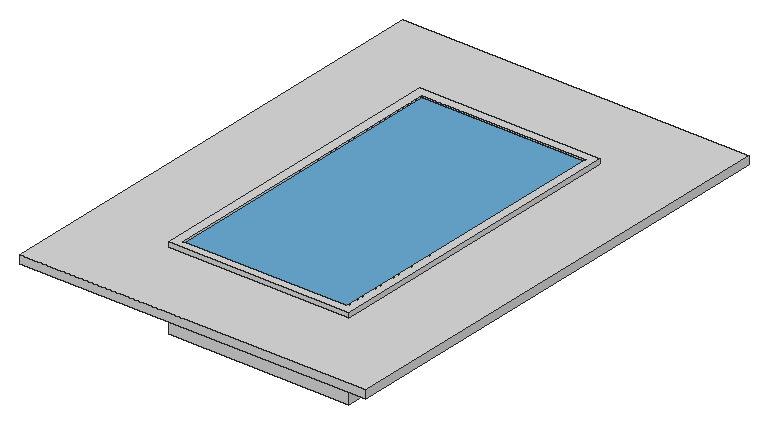
Revit family "Roxtec GH frames", category Duct Accessories, host Face, Revit 2017
Family settings
  Host = Face
  Round Connector Dimension = Use Diameter
  Part Type = Attaches To
  Cut with Voids When Loaded = No
  Shared = No
Parameters (values of type "GH type 6x1")
  Weight GALV BG = 4.9
  Weight GALV = 4.7
  Weight FL100 GALV BG = 7.4
  Weight FL100 GALV = 7.2
  Weight FL100 AISI316 BG = 7.6
  Weight FL100 AISI316 = 7.4
  Weight AISI316 BG = 5
  Weight AISI316 = 4.8
  Weight (kg) [instance] = if(and([Grounding lug (BG)], Frame material GALV, Flange type FL60), Weight GALV BG, if(and([Grounding lug (BG)], Frame material AISI316, Flange type FL60), Weight AISI316 BG, (if(and(not([Grounding lug (BG)]), Frame material GALV, Flange type FL60), Weight GALV, if(and(not([Grounding lug (BG)]), Frame material AISI316, Flange type FL60), Weight AISI316, if(and([Grounding lug (BG)], Frame material GALV, Flange type FL100), Weight FL100 GALV BG, if(and([Grounding lug (BG)], Frame material AISI316, Flange type FL100), Weight FL100 AISI316 BG, (if(and(not([Grounding lug (BG)]), Frame material GALV, Flange type FL100), Weight FL100 GALV, Weight FL100 AISI316)))))))))  # 4.7
  Title GALV BG = "GH BG 6x1 GALV"
  Title GALV = "GH 6x1 GALV"
  Title FL100 GALV BG = "GH BG 6x1 FL100 GALV"
  Title FL100 GALV = "GH 6x1 FL100 GALV"
  Title FL100 AISI316 BG = "GH BG 6x1 FL100 AISI316"
  Title FL100 AISI316 = "GH 6x1 FL100 AISI316"
  Title AISI316 BG = "GH BG 6x1 AISI316"
  Title AISI316 = "GH 6x1 AISI316"
  Roxtec RTD [instance] = ""
  Roxtec Product Title [instance] = if(and([Grounding lug (BG)], Frame material GALV, Flange type FL60), Title GALV BG, if(and([Grounding lug (BG)], Frame material AISI316, Flange type FL60), Title AISI316 BG, (if(and(not([Grounding lug (BG)]), Frame material GALV, Flange type FL60), Title GALV, if(and(not([Grounding lug (BG)]), Frame material AISI316, Flange type FL60), Title AISI316, if(and([Grounding lug (BG)], Frame material GALV, Flange type FL100), Title FL100 GALV BG, if(and([Grounding lug (BG)], Frame material AISI316, Flange type FL100), Title FL100 AISI316 BG, (if(and(not([Grounding lug (BG)]), Frame material GALV, Flange type FL100), Title FL100 GALV, Title FL100 AISI316)))))))))  # "GH 6x1 GALV"
  Roxtec Product ID [instance] = if(and([Grounding lug (BG)], Frame material GALV, Flange type FL60), ID GALV BG, if(and([Grounding lug (BG)], Frame material AISI316, Flange type FL60), ID AISI316 BG, (if(and(not([Grounding lug (BG)]), Frame material GALV, Flange type FL60), ID GALV, if(and(not([Grounding lug (BG)]), Frame material AISI316, Flange type FL60), ID AISI316, if(and([Grounding lug (BG)], Frame material GALV, Flange type FL100), ID FL100 GALV BG, if(and([Grounding lug (BG)], Frame material AISI316, Flange type FL100), ID FL100 AISI316 BG, (if(and(not([Grounding lug (BG)]), Frame material GALV, Flange type FL100), ID FL100 GALV, ID FL100 AISI316)))))))))  # "5GH0000007882"
  Width of cable shelf = 150 mm
  WarrantyGuarantorParts = ""
  WarrantyGuarantorLabor = ""
  WarrantyDurationUnit = ""
  WarrantyDurationParts = ""
  WarrantyDurationLabor = ""
  WarrantyDescription = ""
  Wall opening width [instance] = Frame width + 30 mm  # 150 mm
  Wall opening height [instance] = Frame height + 30 mm  # 248 mm
  Version = "2.0"  # constant formula
  Uniclass2015Version = ""
  Uniclass2015Title = ""
  Uniclass2015Code = ""
  URL = "https://www.roxtec.com/en/products/solutions/?q=GH"
  UNSPSC Code = ""
  Type Comments = ""
  SustainabilityPerformance = ""
  Size = ""
  Shape = ""
  Sealing material = Roxylon blue
  Revision = ""
  ReplacementCost = ""
  ProductInformation = ""
  ProdLib_ID = ""
  NominalLength [instance] = 0 mm
  NominalHeight = 0 mm
  NominalDepth = 0 mm
  Name = ""
  NBSReference = ""
  NBSDescription = ""
  ModelReference = ""
  ModelNumber = ""
  ManufacturerURL = ""
  Manufacturer = "Roxtec"  # constant formula
  IfcExportType = ""
  IfcExportAs = ""
  IfcClassification = ""
  IFC Classification = ""
  ID FL100 GALV BG = "122388"
  ID FL100 GALV = "122158"
  ID GALV = "5GH0000007882"
  ID FL100 AISI316 BG = "122264"
  ID FL100 AISI316 = "105508"
  ID AISI316 = "5GH0000008261"
  ID AISI316 BG = "122511"
  ID GALV BG = "109604"
  Grounding lug position y [instance] = if((Flange type FL60), (Flange width / 2 - 85.5 mm), (Flange width / 2 - 100.5 mm))  # 41 mm
  Grounding lug position x [instance] = Flange height - 20 mm  # 330 mm
  Grounding lug (BG) [instance] = no
  BG 2 [instance] = if(and([2x]), [Grounding lug (BG)], if(and([3x]), [Grounding lug (BG)], if(and([4x]), [Grounding lug (BG)], 1 = 0)))  # no
  Grade = ""
  Flange width [instance] = if((Flange type FL100), (Flange w + 80 mm), Flange w)  # 253 mm
  Flange w = 253 mm
  Flange h = 350 mm
  Flange thickness = 6 mm
  Frame material GALV [instance] = not(Frame material AISI316)  # yes
  Frame material AISI316 [instance] = no
  Frame material = Steel
  Flange height [instance] = if((Flange type FL100), (Flange h + 80 mm), Flange h)  # 350 mm
  Frame depth = 60 mm
  Finish = ""
  Features = ""
  Flange type FL60 [instance] = not(Flange type FL100)  # yes
  Flange type FL100 [instance] = no
  ExpectedLife = ""
  ETIM Classification = "EC002600"  # constant formula
  DurationUnit = ""
  Description = ""
  Default Elevation = 0 mm
  Constituents = ""
  Color = ""
  Frame width [instance] = if((Flange type FL100), (Flange width - 213 mm), (Flange width - 133 mm))  # 120 mm
  Frame height [instance] = if((Flange type FL100), (Flange height - 212 mm), (Flange height - 132 mm))  # 218 mm
  CodePerformance = ""
  Category = ""
  COBie Type Category = ""
  BIMObjectName = ""
  Author = "ProdLib Oy"  # constant formula
  AssetType = ""
  AccessibilityPerformance = ""
  4x = no
  3x = no
  2x = no
Types (9, lengths in mm): name | Weight GALV BG | Weight GALV | Weight FL100 GALV BG | Weight FL100 GALV | Weight FL100 AISI316 BG | Weight FL100 AISI316 | Weight AISI316 BG | Weight AISI316 | Weight (kg) | Title GALV BG | Title GALV | Title FL100 GALV BG | Title FL100 GALV | Title FL100 AISI316 BG | Title FL100 AISI316 | Title AISI316 BG | Title AISI316 | Roxtec Product Title | Roxtec Product ID | Width of cable shelf | Wall opening width | Wall opening height | ID FL100 GALV BG | ID FL100 GALV | ID GALV | ID FL100 AISI316 BG | ID FL100 AISI316 | ID AISI316 | ID AISI316 BG | ID GALV BG | Grounding lug position y | Grounding lug position x | Flange width | Flange w | Flange h | Flange height | Frame width | Frame height | 4x | 3x | 2x
  (no name) | 4.9 | 4.7 | 7.4 | 7.2 | 7.6 | 7.4 | 5 | 4.8 | 4.7 | "GH BG 6x1 GALV" | "GH 6x1 GALV" | "GH BG 6x1 FL100 GALV" | "GH 6x1 FL100 GALV" | "GH BG 6x1 FL100 AISI316" | "GH 6x1 FL100 AISI316" | "GH BG 6x1 AISI316" | "GH 6x1 AISI316" | "GH 6x1 GALV" | "5GH0000007882" | 150 | 150 | 248 | "122388" | "122158" | "5GH0000007882" | "122264" | "105508" | "5GH0000008261" | "122511" | "109604" | 41 | 330 | 253 | 253 | 350 | 350 | 120 | 218 | no | no | no
  GH type 6x1 | 4.9 | 4.7 | 7.4 | 7.2 | 7.6 | 7.4 | 5 | 4.8 | 4.7 | "GH BG 6x1 GALV" | "GH 6x1 GALV" | "GH BG 6x1 FL100 GALV" | "GH 6x1 FL100 GALV" | "GH BG 6x1 FL100 AISI316" | "GH 6x1 FL100 AISI316" | "GH BG 6x1 AISI316" | "GH 6x1 AISI316" | "GH 6x1 GALV" | "5GH0000007882" | 150 | 150 | 248 | "122388" | "122158" | "5GH0000007882" | "122264" | "105508" | "5GH0000008261" | "122511" | "109604" | 41 | 330 | 253 | 253 | 350 | 350 | 120 | 218 | no | no | no
  GH type 6x2 | 7.6 | 7.2 | 10.6 | 10.2 | 10.8 | 10.4 | 7.7 | 7.3 | 7.2 | "GH BG 6x2 GALV" | "GH 6x2 GALV" | "GH BG 6x2 FL100 GALV" | "GH 6x2 FL100 GALV" | "GH BG 6x2 FL100 AISI316" | "GH 6x2 FL100 AISI316" | "GH BG 6x2 AISI316" | "GH 6x2 AISI316" | "GH 6x2 GALV" | "5GH0000007828" | 300 | 280 | 248 | "122389" | "122159" | "5GH0000007828" | "122265" | "120984" | "5GH0000008179" | "122512" | "110003" | 106 | 330 | 383 | 383 | 350 | 350 | 250 | 218 | no | no | yes
  GH type 6x3 | 10 | 9.7 | 13.6 | 13.2 | 13.8 | 13.5 | 10.2 | 9.8 | 9.7 | "GH BG 6x3 GALV" | "GH 6x3 GALV" | "GH BG 6x3 FL100 GALV" | "GH 6x3 FL100 GALV" | "GH BG 6x3 FL100 AISI316" | "GH 6x3 FL100 AISI316" | "GH BG 6x3 AISI316" | "GH 6x3 AISI316\r\nGH 6x3 AISI316" | "GH 6x3 GALV" | "5GH0000008108" | 400 | 411 | 248 | "122390" | "122160" | "5GH0000008108" | "122266" | "105509" | "5GH0000009292" | "110477" | "110015" | 171.5 | 330 | 514 | 514 | 350 | 350 | 381 | 218 | no | yes | no
  GH type 6x4 | 12.5 | 12.2 | 16.6 | 16.2 | 16.9 | 16.5 | 12.8 | 12.4 | 12.2 | "GH BG 6x4 GALV" | "GH 6x4 GALV" | "GH BG 6x4 FL100 GALV" | "GH 6x4 FL100 GALV" | "GH BG 6x4 FL100 AISI316" | "GH 6x4 FL100 AISI316" | "GH BG 6x4 AISI316" | "GH 6x4 AISI316" | "GH 6x4 GALV" | "5GH0000008086" | 500 | 541 | 248 | "122391" | "122161" | "5GH0000008086" | "122267" | "120986" | "5GH0000007904" | "122513" | "122626" | 236.5 | 330 | 644 | 644 | 350 | 350 | 511 | 218 | yes | no | yes
  GH type 8x1 | 5.5 | 5.3 | 8.3 | 8.1 | 8.5 | 8.3 | 5.6 | 5.5 | 5.3 | "GH BG 8x1 GALV" | "GH 8x1 GALV" | "GH BG 8x1 FL100 GALV" | "GH 8x1 FL100 GALV" | "GH BG 8x1 FL100 AISI316" | "GH 8x1 FL100 AISI316" | "GH BG 8x1 AISI316" | "GH 8x1 AISI316" | "GH 8x1 GALV" | "GH08000002115" | 150 | 150 | 308 | "122419" | "122181" | "GH08000002115" | "122295" | "110012" | "5GH0000008395" | "122538" | "121224" | 41 | 390 | 253 | 253 | 410 | 410 | 120 | 278 | no | no | no
  GH type 8x2 | 8.5 | 8.1 | 11.8 | 11.4 | 12 | 11.6 | 8.7 | 8.3 | 8.1 | "GH BG 8x2 GALV" | "GH 8x2 GALV" | "GH BG 8x2 FL100 GALV" | "GH 8x2 FL100 GALV" | "GH BG 8x2 FL100 AISI316" | "GH 8x2 FL100 AISI316" | "GH BG 8x2 AISI316" | "GH 8x2 AISI316" | "GH 8x2 GALV" | "5GH0000008907" | 300 | 280 | 308 | "122420" | "117391" | "5GH0000008907" | "122296" | "117284" | "5GH0000008124" | "122539" | "116088" | 106 | 390 | 383 | 383 | 410 | 410 | 250 | 278 | no | no | yes
  GH type 8x3 | 11.3 | 10.9 | 15 | 14.7 | 15.3 | 15 | 11.5 | 11.1 | 10.9 | "GH BG 8x3 GALV" | "GH 8x3 GALV" | "GH BG 8x3 FL100 GALV" | "GH 8x3 FL100 GALV" | "GH BG 8x3 FL100 AISI316" | "GH 8x3 FL100 AISI316" | "GH BG 8x3 AISI316" | "GH 8x3 AISI316" | "GH 8x3 GALV" | "5GH0000008470" | 400 | 411 | 308 | "118374" | "122182" | "5GH0000008470" | "122297" | "116626" | "5GH0000009294" | "122540" | "110838" | 171.5 | 390 | 514 | 514 | 410 | 410 | 381 | 278 | no | yes | no
  GH type 8x4 | 14.1 | 13.7 | 18.3 | 17.9 | 18.7 | 18.3 | 14.3 | 13.9 | 13.7 | "GH BG 8x4 GALV" | "GH 8x4 GALV" | "GH BG 8x4 FL100 GALV" | "GH 8x4 FL100 GALV" | "GH BG 8x4 FL100 AISI316" | "GH 8x4 FL100 AISI316" | "GH BG 8x4 AISI316" | "GH 8x4 AISI316\r\nGH 8x4 AISI316" | "GH 8x4 GALV" | "5GH0000008107" | 500 | 541 | 308 | "122422" | "105207" | "5GH0000008107" | "122298" | "117225" | "5GH0000008380" | "122541" | "111344" | 236.5 | 390 | 644 | 644 | 410 | 410 | 511 | 278 | yes | no | yes
Reference planes
  plane 1 "Center (Front/Back)": y = 0
  plane 2: z = 0
  plane 3 "Center (Left/Right)": x = 0
  plane 4: x = -126.5
  plane 5: x = 126.5
  plane 6: y = -175
  plane 7: y = 175
  plane 8: x = -75
  plane 9: x = 75
  plane 10: y = 124
  plane 11: y = -124
  plane 12: z = 6
  plane 13: z = -51
  plane 14: z = -500
  plane 15: x = -65
  plane 16: x = 65
  plane 17: x = -130
  plane 18: x = 130
  plane 19: x = -60
  plane 20: x = 60
  plane 21: y = 109
  plane 22: y = -109
  plane 23: z = 9
  plane 24: z = 8
  plane 25: y = 165
  plane 26: y = -165
  plane 27: x = -41
  plane 28: x = 41
  plane 29: z = -50
Forms (mm)
  Extrusion 1, solid, material "Steel" <- "Frame material"
    sketch origin (0, 0, 0) x (1, 0, 0) y (0, 1, 0)
      loop
        line (-126.5, 175) -> (-126.5, -175) -> (126.5, -175) -> (126.5, 175) -> (-126.5, 175)
      loop
        line (-66, 115) -> (-66, -109) -> (66, -109) -> (66, 115) -> (-66, 115)
    from 0 to 6
  Extrusion 2, solid, material "Steel" <- "Frame material"
    sketch origin (0, 0, 0) x (1, 0, 0) y (0, 1, 0)
      loop
        line (-60, -109) -> (60, -109) -> (60, 109) -> (-60, 109) -> (-60, -109)
      loop
        line (-66, -115) -> (66, -115) -> (66, 115) -> (-66, 115) -> (-66, -115)
    from -51 to 9
  Extrusion 3, void
    sketch origin (0, 0, 0) x (1, 0, 0) y (0, 1, 0)
      loop
        line (-75, 124) -> (-75, -124) -> (75, -124) -> (75, 124) -> (-75, 124)
    from -500 to 0
  Extrusion 4, solid, material "Steel" <- "Frame material", visible <- "2x"
    sketch origin (0, 0, 0) x (1, 0, 0) y (0, 1, 0)
      loop
        line (-5, 109) -> (-5, -109) -> (5, -109) -> (5, 109) -> (-5, 109)
    from -51 to 9
  Extrusion 5, solid, material "Steel" <- "Frame material", visible <- "3x"
    sketch origin (0, 0, 0) x (1, 0, 0) y (0, 1, 0)
      loop
        line (-70, -109) -> (-60, -109) -> (-60, 109) -> (-70, 109) -> (-70, -109)
      loop
        line (60, -109) -> (70, -109) -> (70, 109) -> (60, 109) -> (60, -109)
    from -51 to 9
  Extrusion 6, solid, material "Steel" <- "Frame material", visible <- "4x"
    sketch origin (0, 0, 0) x (1, 0, 0) y (0, 1, 0)
      loop
        line (-125, -109) -> (-125, 109) -> (-135, 109) -> (-135, -109) -> (-125, -109)
      loop
        line (135, -109) -> (135, 109) -> (125, 109) -> (125, -109) -> (135, -109)
    from -51 to 9
  Extrusion 7, solid, material "Roxylon blue" <- "Sealing material"
    sketch origin (0, 0, 0) x (1, 0, 0) y (0, 1, 0)
      loop
        line (-60, 109) -> (-60, -109) -> (60, -109) -> (60, 109) -> (-60, 109)
    from -50 to 8
Dimensions and locks
  equal spacing: plane 4, plane 3 "Center (Left/Right)", plane 5
  "Flange width": plane 4 to plane 5
  equal spacing: plane 8, plane 3 "Center (Left/Right)", plane 9
  "Wall opening width": plane 8 to plane 9
  equal spacing: plane 6, plane 1 "Center (Front/Back)", plane 7
  "Flange height": plane 7 to plane 6
  equal spacing: plane 10, plane 1 "Center (Front/Back)", plane 11
  "Wall opening height": plane 10 to plane 11
  locked: level to plane 14 at 500
  Extrusion 4 sketch curve to plane 3 "Center (Left/Right)" to Extrusion 4 sketch curve = 5 mm locked, 5 mm locked
  Extrusion 5 sketch curve to plane 15 to Extrusion 5 sketch curve = 5 mm locked, 5 mm locked
  Extrusion 5 sketch curve to plane 16 to Extrusion 5 sketch curve = 5 mm locked, 5 mm locked
  Extrusion 6 sketch curve to plane 17 to Extrusion 6 sketch curve = 5 mm locked, 5 mm locked
  Extrusion 6 sketch curve to plane 18 to Extrusion 6 sketch curve = 5 mm locked, 5 mm locked
  equal spacing: plane 19, plane 3 "Center (Left/Right)", plane 20
  "Frame width": plane 19 to plane 20
  equal spacing: plane 21, plane 1 "Center (Front/Back)", plane 22
  "Frame height": plane 21 to plane 22
  locked: Extrusion 2 sketch curve to plane 21 at 6
  locked: plane 22 to Extrusion 2 sketch curve at 6
  locked: Extrusion 2 sketch curve to plane 19 at 6
  locked: plane 20 to Extrusion 2 sketch curve at 6
  plane 15 to plane 3 "Center (Left/Right)" to plane 16 = 65 mm locked, 65 mm locked
  locked: plane 17 to plane 3 "Center (Left/Right)" at 130
  locked: plane 3 "Center (Left/Right)" to plane 18 at 130
  locked: plane 23 to plane 24 at 1
  equal spacing: plane 25, plane 1 "Center (Front/Back)", plane 26
  "Grounding lug position x": plane 25 to plane 26
  "Frame depth": plane 23 to plane 13
  "Flange thickness": plane 12 to host face
  plane 23 to plane 12 = 3 mm
  "Grounding lug position y": plane 27 to plane 3 "Center (Left/Right)"
  "Grounding lug position y": plane 3 "Center (Left/Right)" to plane 28
  plane 4 to plane 8 = 51.5 mm
  plane 29 to plane 13 = 1 mm
  aligned and locked: plane 2 to host face
  aligned and locked: level to host face
  aligned and locked: plane 4 to Extrusion 1 sketch curve
  aligned and locked: Extrusion 1 sketch curve to plane 6
  aligned and locked: Extrusion 1 sketch curve to plane 5
  aligned and locked: Extrusion 2 to plane 13
  aligned and locked: plane 14 to Extrusion 3
  aligned and locked: plane 8 to Extrusion 3 sketch curve
  aligned and locked: Extrusion 3 sketch curve to plane 10
  aligned and locked: Extrusion 3 sketch curve to plane 9
  aligned and locked: plane 11 to Extrusion 3 sketch curve
  aligned and locked: plane 22 to Extrusion 2 sketch curve
  aligned and locked: plane 19 to Extrusion 2 sketch curve
  aligned and locked: Extrusion 2 sketch curve to plane 21
  aligned and locked: plane 20 to Extrusion 2 sketch curve
  aligned and locked: Extrusion 1 to Extrusion 2
  aligned and locked: Extrusion 5 to Extrusion 1  (x2)
  aligned and locked: Extrusion 1 sketch curve to Extrusion 2  (x2)
  aligned and locked: Extrusion 1 to Extrusion 6
  aligned and locked: Extrusion 7 sketch curve to Extrusion 2  (x4)
  aligned and locked: Extrusion 2 to Extrusion 4
  aligned and locked: Extrusion 5 to Extrusion 2  (x3)
  aligned and locked: Extrusion 2 to Extrusion 6  (x2)
  aligned and locked: Extrusion 4 to Extrusion 2
  aligned and locked: Extrusion 6 to Extrusion 2  (x2)
  aligned and locked: Extrusion 4 to Extrusion 1
  aligned and locked: Extrusion 6 to Extrusion 1
  aligned and locked: plane 24 to Extrusion 7
  aligned and locked: plane 23 to Extrusion 2
  aligned and locked: plane 12 to Extrusion 1
  aligned and locked: Extrusion 1 to level
  aligned and locked: level to Extrusion 3
  aligned and locked: nested 1 to Extrusion 1
  aligned and locked: nested 2 to Extrusion 1
  aligned and locked: plane 25 to nested 1
  aligned and locked: nested 2 to plane 26
  aligned and locked: plane 27 to nested 2
  aligned and locked: nested 1 to plane 28
  aligned and locked: Extrusion 6 to plane 13
  aligned and locked: Extrusion 5 to plane 13
  aligned and locked: Extrusion 4 to plane 13
  aligned and locked: Extrusion 7 to plane 29
Automatic sketch dimensions
  host sketch curve to host sketch curve = 2438.4 mm  (x2)
  Extrusion 4 sketch curve to plane 10 = 15 mm
  plane 11 to Extrusion 4 sketch curve = 15 mm
  Extrusion 5 sketch curve to plane 10 = 15 mm  (x2)
  plane 11 to Extrusion 5 sketch curve = 15 mm  (x2)
  Extrusion 1 sketch curve to plane 7 = 0 mm
  Extrusion 1 sketch curve to plane 22 = 0 mm
  plane 21 to Extrusion 1 sketch curve = 6 mm
  Extrusion 6 sketch curve to plane 10 = 15 mm  (x2)
  plane 11 to Extrusion 6 sketch curve = 15 mm  (x2)
Nested families
  nested 1: "Grounidng lug" at (53.5, 152.5, 6), visible <- "BG 2", type "Roxtec grounding lug"
  nested 2: "Grounidng lug" at (-53.5, -152.5, 6) x (-1, 0, 0) z (0, 0, 1), visible <- "Grounding lug (BG)", type "Roxtec grounding lug"
Connectors
  electrical at (0, 0, 9)
    settings: on Extrusion 2, index 1, voltage 0 V, apparent load 0 VA, apparent load phase1 0 VA, apparent load phase2 0 VA, apparent load phase3 0 VA, power factor 1, load classification "Other", number of poles 1, system type 31, power factor state 1, is connector primary yes, connector utility no, sub classification motor no, connector description ""
Definition of nested family "Grounidng lug"
  Parameters (values of type "Roxtec grounding lug")
    Earth Stud Material = none
  Reference planes
    plane 1 "Center (Front/Back)": y = 0
    plane 2: z = 0
    plane 3 "Center (Left/Right)": x = 0
    plane 4: x = -12.5
    plane 5: x = 12.5
    plane 6: y = 12.5
    plane 7: y = -12.5
    plane 8: z = 25
  Forms (mm)
    Extrusion 1, solid
      sketch origin (0, 0, 0) x (1, 0, 0) y (0, 1, 0)
        loop
          line (-12.5, 12.5) -> (-12.5, -12.5) -> (12.5, -12.5) -> (12.5, 12.5) -> (-12.5, 12.5)
      from 0 to 25
  Dimensions and locks
    equal spacing: plane 6, plane 1 "Center (Front/Back)", plane 7
    locked: plane 6 to plane 7 at 25
    equal spacing: plane 4, plane 3 "Center (Left/Right)", plane 5
    locked: plane 4 to plane 5 at 25
    locked: plane 8 to level at 25
    aligned and locked: level to plane 2
    aligned and locked: Extrusion 1 sketch curve to plane 6
    aligned and locked: plane 4 to Extrusion 1 sketch curve
    aligned and locked: Extrusion 1 sketch curve to plane 7
    aligned and locked: Extrusion 1 sketch curve to plane 5
    aligned and locked: Extrusion 1 to level
    aligned and locked: plane 8 to Extrusion 1
